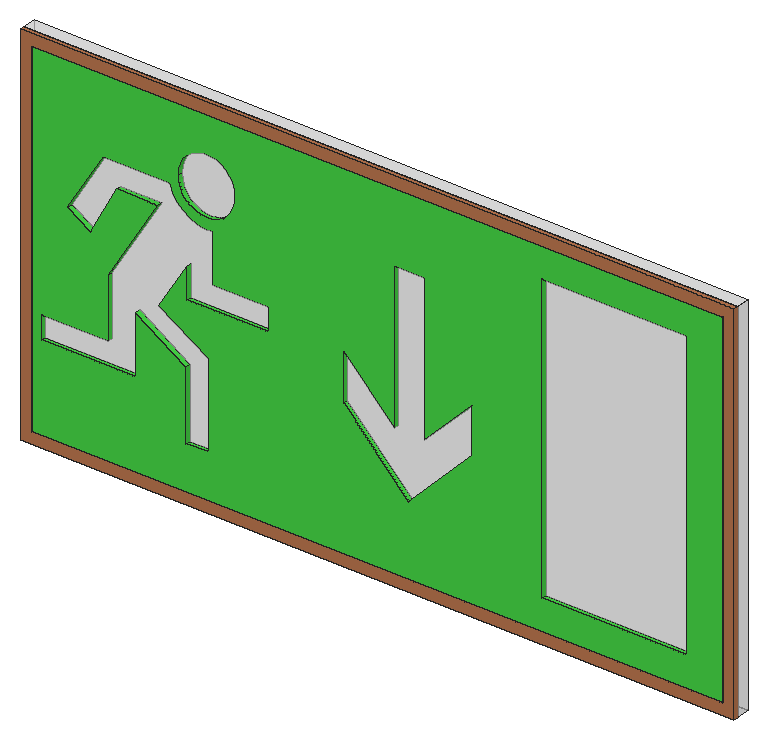
Revit family "EX2_Surface Mounted Exit Light", category Lighting Fixtures, Revit 2013
Parameters (values of type "2 x 18W")
  Wattage = 9.2903 W
  built-in parameter 1150110 = 1 (stored number, unit not read)
  Model = "Navigator Compact Suface Mounted Maintained Exit"
  Manufacturer = "EMERGI-LITE"
  Load Classification = Ltg
  Light Type = "EX2"
  Light Source Symbol Size = 300 mm
  Lamp = "8W T5"
  Keynote = ""
  Exit Sign = Exit Sign
  Emit from Circle Diameter = 200 mm
  Emit Shape Visible in Rendering = no
  Body = Whitecroft Lighting_Polycarbonate
  built-in parameter 1114217 = 1 (stored number, unit not read)
  built-in parameter 1150109 = 1 (stored number, unit not read)
  built-in parameter 1150134 = (empty or 0)
  built-in parameter 1150113 = 1 (stored number, unit not read)
  Lumens = 1380 lm
  built-in parameter 1150115 = 1 (stored number, unit not read)
  built-in parameter 1150105 = 109.82 (stored number, unit not read)
  built-in parameter 1150137 = (empty or 0)
  built-in parameter 1150139 = (empty or 0)
  built-in parameter 1150112 = 1 (stored number, unit not read)
  built-in parameter 1150114 = 1 (stored number, unit not read)
  built-in parameter 1150132 = 2
  built-in parameter 1150102 = (empty or 0)
  built-in parameter 1150138 = (empty or 0)
  built-in parameter 1150107 = 3000 (stored number, unit not read)
  built-in parameter 1150106 = 1.0982 (stored number, unit not read)
  built-in parameter 1150104 = 13.8 (stored number, unit not read)
  Dimming Lamp Color Temperature Shift = <None>
  Color Filter = 16777215
  built-in parameter 1114218 = 1 (stored number, unit not read)
  built-in parameter 1150133 = 10 (stored number, unit not read)
  Apparent Load = 8 VA
Reference planes
  plane 1 "Light Source Axis (F/B)": y = 0
  plane 2: z = 0
  plane 3 "Light Source Axis (L/R)": x = 0
  plane 4 "Light Source Elevation": z = -92.173
  plane 5: x = -190
  plane 6: x = 190
  plane 7: y = 50
  plane 8: y = -50
  plane 9: x = -155
  plane 10: x = 155
  plane 11 "Fr": y = -6
Forms (mm)
  Extrusion 1, solid, material "Exit Sign" <- "Exit Sign"
    sketch origin (0, 0, 25) x (-1, 0, 0) y (0, 0, 1)
      loop
        line (155, -185) -> (155, -30) -> (-155, -30) -> (-155, -185) -> (155, -185)
      loop
        line (138.548, -88.819) -> (122.651, -63.377) -> (93.119, -63.377)
        arc (93.119, -63.377) -> (85.773, -73.355) -> (73.645, -75.895) r 17.365
        line (73.645, -75.895) -> (73.645, -97.478) -> (48.645, -97.478) -> (48.645, -107.478) -> (85.138, -107.478) -> (85.138, -94.145) -> (97.743, -114.317) -> (75.689, -128.097) -> (75.689, -165.444) -> (85.689, -165.444) -> (85.689, -134.574) -> (108.019, -120.62) -> (108.019, -146.459) -> (150.453, -146.459) -> (150.453, -136.459) -> (120.453, -136.459) -> (120.453, -109.788) -> (98.201, -74.178) -> (116.61, -74.178) -> (128.281, -95.234) -> (138.548, -88.819)
      loop
        circle (76.383, -58.748) r 12.762
      loop
        line (15.087, -124.445) -> (15.087, -103.537) -> (-7.732, -126.356) -> (-7.732, -61.356) -> (-21.317, -61.356) -> (-21.317, -126.356) -> (-42.53, -105.143) -> (-42.53, -125.184) -> (-14.091, -153.624) -> (15.087, -124.445)
      loop
        line (-73.944, -171.355) -> (-73.944, -43.384) -> (-138.944, -43.384) -> (-138.944, -171.355) -> (-73.944, -171.355)
    from -8 to -6
  Extrusion 2, solid, material "Light Body"
    sketch origin (0, -6, 0) x (-1, 0, 0) y (0, 0, 1)
      loop
        line (155, -160) -> (155, -5) -> (-155, -5) -> (-155, -160) -> (155, -160)
      loop
        line (160, 0) -> (-160, 0) -> (-160, -165) -> (160, -165) -> (160, 0)
    from 0 to -2
  Extrusion 3, solid, material "Whitecroft Lighting_Polycarbonate" <- "Body"
    sketch origin (0, -6, 0) x (-1, 0, 0) y (0, 0, 1)
      loop
        line (160, -165) -> (160, 0) -> (-160, 0) -> (-160, -165) -> (160, -165)
    from 0 to 6
Dimensions and locks
  aligned and locked: plane 1 "Light Source Axis (F/B)" to imposter light
  aligned and locked: plane 4 "Light Source Elevation" to imposter light
  aligned and locked: level to plane 2
Nested families
  nested 1: "EM_EX2" at (0, 0, 0), type "EM_EX2"
Connectors
  electrical at (0, 0, -82.5), driven by "Load Classification"
    settings: on Extrusion 3, index 1, voltage 230 V, apparent load 0 VA, apparent load phase1 8 VA, apparent load phase2 0 VA, apparent load phase3 0 VA, power factor 0.9, load classification "Ltg", number of poles 1, system type 31, power factor state 1, is connector primary yes, connector utility no, sub classification motor no, connector description ""
Definition of nested family "EM_EX2"
  Reference planes
    plane 1: y = 0
    plane 2: x = 0
  Lines and regions (mm)
    detail lines, style "Emergency"
      curve 1: line (-3, 1.75, 0) -> (-3, -1.75, 0)
      curve 2: line (-3, 1.75, 0) -> (3, 1.75, 0)
      curve 3: line (3, 1.75, 0) -> (3, -1.75, 0)
      curve 4: line (-3, -1.75, 0) -> (3, -1.75, 0)
  Text (mm)
    text "EX2" at (-0.038, 1.914, 0)
